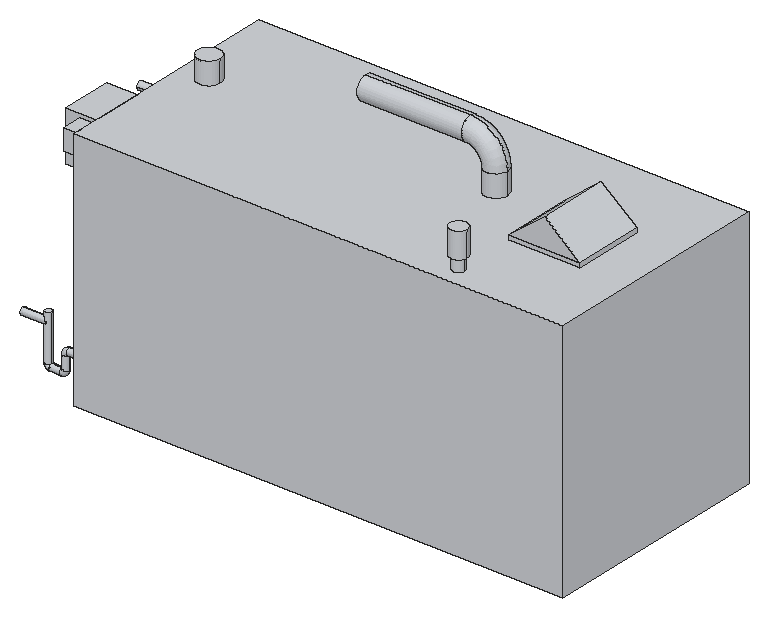
Revit family "AMP_BFIT 3500-4000 Boiler", category Mechanical Equipment, Revit 2019
Family settings
  Round Connector Dimension = Use Diameter
  Part Type = Normal
  OmniClass Number = 23.75.00.00
  OmniClass Title = Climate Control (HVAC)
  Work Plane-Based = No
  Always vertical = Yes
  Cut with Voids When Loaded = No
  Shared = No
  Room Calculation Point = No
Parameters (values of type "AMP/BFIT 3500-4000 Boiler")
  Width = 46"
  Length = 97 1/8"
  Height = 48 3/8"
  Voltage = ""
  Vent = "12\" EZ Vent"
  Manufacturer = "Bryan Steam"  # constant formula
  Hydronic Supply = "4\" Victaulic"
  Hydronic Return = "4\" Victaulic"
  Gas Train = "2\" NPT"
  Condensate Trap = "1\" Pipe"
  Boiler Drain = "3/4\" NPT"
  Air Supply = "12\""
Reference planes
  plane 1 "Center (Front/Back)": y = 0
  plane 2: z = 0
  plane 3 "Center (Left/Right)": x = 0
  plane 4 "Vent": y = 96.749
  plane 5 "Condensate Trap": y = -457.2
  plane 6 "Supply 4" Victualic Elbow Style 10": x = 353.06
  plane 7 "3" Supply Manifold": z = 1466.85
  plane 8 "3" Supply Elbow Victaulic Style 10": y = 96.749
Forms (mm)
  Extrusion 1, solid
    sketch origin (0, 0, 0) x (1, 0, 0) y (0, 1, 0)
      loop
        line (-1233.487, 584.2) -> (-1233.487, -584.2) -> (1233.488, -584.2) -> (1233.488, 584.2) -> (-1233.487, 584.2)
    from 0 to 1228.725
  Extrusion 2, solid
    sketch origin (0, 0, 1228.725) x (1, 0, 0) y (0, 1, 0)
      loop
        line (636.435, 177.8) -> (636.435, -177.8) -> (994.474, -177.8) -> (994.474, 177.8) -> (636.435, 177.8)
    from 0 to 21.63
  Extrusion 3, solid
    sketch origin (994.474, -177.8, 1228.725) x (-1, 0, 0) y (0, 0, -1)
      loop
        line (358.038, -21.63) -> (0, -21.63) -> (179.019, -167.063) -> (358.038, -21.63)
    from 0 to -355.6
  Extrusion 4, solid
    sketch origin (0, 0, 1228.725) x (1, 0, 0) y (0, 1, 0)
      loop
        circle (-1093.787, 95.25) r 57.15
      loop
        circle (353.073, 95.25) r 57.15
    from 0 to 107.95
  Extrusion 5, solid
    sketch origin (-1233.487, -584.2, 0) x (0, 1, 0) y (0, 0, -1)
      loop
        circle (936.625, -333.375) r 158.75
      loop
        circle (936.625, -333.375) r 153.162
    from 0 to 34.925
  Sweep 6, solid
    path origin (0, -457.2, 0) x (-1, 0, 0) y (0, 0, 1)
      loop
        line (1233.487, 146.406) -> (1354.493, 146.406)
        arc (1354.493, 146.406) -> (1366.85, 141.287) -> (1371.968, 128.93) r 17.475
        line (1371.968, 128.93) -> (1371.968, 62.281)
        arc (1371.968, 62.281) -> (1377.087, 49.924) -> (1389.443, 44.806) r 17.475
        line (1389.443, 44.806) -> (1443.406, 44.806)
        arc (1443.406, 44.806) -> (1455.754, 49.92) -> (1460.868, 62.268) r 17.463
        line (1460.868, 62.268) -> (1460.868, 292.456)
    profile origin (-1293.99, -457.2, 146.406) x (0, 0, 1) y (0, 1, 0)
      loop
        circle (0, 0) r 16.701
  Revolve 7, solid
    sketch origin (0, -457.2, 0) x (-1, 0, 0) y (0, 0, 1)
      loop
        line (1589.087, 247.65) -> (1589.087, 264.351) -> (1460.5, 264.351) -> (1460.5, 247.65) -> (1589.087, 247.65)
      axis (1460.5, 247.65) -> (1589.087, 247.65)
    angle from 0 to 360
  Extrusion 8, solid
    sketch origin (-1233.487, -584.2, 0) x (0, 1, 0) y (0, 0, -1)
      loop
        line (119.888, -1223.95) -> (119.888, -1122.35) -> (18.288, -1122.35) -> (18.288, -1223.95) -> (119.888, -1223.95)
    from 0 to 63.004
  Revolve 9, solid
    sketch origin (0, 95.25, 0) x (-1, 0, 0) y (0, 0, 1)
      loop
        line (1439.862, 766.775) -> (1431.845, 919.759) -> (1178.193, 906.466) -> (1186.211, 753.482) -> (1439.862, 766.775)
      axis (1186.211, 753.482) -> (1439.862, 766.775)
    angle from 0 to 360
  Extrusion 10, solid
    sketch origin (-1233.487, -584.2, 0) x (0, 1, 0) y (0, 0, -1)
      loop
        circle (679.45, -1076.325) r 13.335
      loop
        circle (679.45, -1076.325) r 10.465
    from 0 to 146.05
  Sweep 11, solid
    path origin (0, 96.749, 0) x (-1, 0, 0) y (0, 0, 1)
      loop
        arc (-353.073, 1336.675) -> (-314.945, 1428.723) -> (-222.898, 1466.85) r 130.175
        line (-222.898, 1466.85) -> (303.212, 1466.85)
    profile origin (314.945, 96.749, 1428.723) x (0.707107, 0, 0.707107) y (0, 1, 0)
      loop
        circle (0, 0) r 57.15
  Extrusion 12, solid
    sketch origin (-1233.487, -584.2, 0) x (0, 1, 0) y (0, 0, -1)
      loop
        line (403.225, -1227.138) -> (403.225, -973.138) -> (149.225, -973.137) -> (149.225, -1227.138) -> (403.225, -1227.138)
    from 0 to 155.575
  Extrusion 13, solid
    sketch origin (0, 0, 1228.725) x (1, 0, 0) y (0, 1, 0)
      loop
        circle (627.063, -482.6) r 30.163
    from 0 to 63.5
  Extrusion 14, solid
    sketch origin (0, 0, 1292.225) x (1, 0, 0) y (0, 1, 0)
      loop
        circle (627.063, -482.6) r 42.863
    from 0 to 127
  Extrusion 15, solid
    sketch origin (-1379.537, -584.2, 0) x (0, 1, 0) y (0, 0, -1)
      loop
        circle (679.45, -1076.325) r 19.05
    from 0 to 60.325
Dimensions and locks
  "Height": Extrusion 1 to level
  equal spacing: Extrusion 1 sketch curve, plane 3 "Center (Left/Right)", Extrusion 1 sketch curve
  "Length": Extrusion 1 sketch curve to Extrusion 1 sketch curve
  equal spacing: Extrusion 1 sketch curve, plane 1 "Center (Front/Back)", Extrusion 1 sketch curve
  "Width": Extrusion 1 sketch curve to Extrusion 1 sketch curve
  locked: Extrusion 2 sketch curve to Extrusion 1 at 239.014
  locked: Extrusion 2 sketch curve to Extrusion 2 sketch curve at 358.038
  locked: Extrusion 2 sketch curve to Extrusion 2 sketch curve at 355.6
  locked: Extrusion 2 sketch curve to Extrusion 1 at 406.4
  locked: Extrusion 1 to Extrusion 4 sketch curve at 488.95  (x2)
  locked: Extrusion 1 to Extrusion 5 sketch curve at 333.375
  locked: Extrusion 1 to Extrusion 5 sketch curve at 231.775
  level to plane 7 "3" Supply Manifold" = 57 3/4"
  plane 3 "Center (Left/Right)" to plane 6 "Supply 4" Victualic Elbow Style 10" = 13.9"
  locked: plane 8 "3" Supply Elbow Victaulic Style 10" to plane 1 "Center (Front/Back)" at 96.749
  locked: plane 4 "Vent" to plane 1 "Center (Front/Back)" at 96.749
  locked: plane 5 "Condensate Trap" to plane 1 "Center (Front/Back)" at 457.2
  locked: Sweep 6 sketch curve to Sweep 6 sketch curve at 88.9
  locked: Sweep 6 sketch curve to Sweep 6 sketch curve at 247.65
  locked: Revolve 7 sketch curve to Revolve 7 sketch curve at 128.588
  locked: Extrusion 8 sketch curve to Extrusion 8 sketch curve at 101.6  (x2)
  Revolve 9 sketch curve to Revolve 9 sketch curve = 6 1/32"
  Extrusion 1 to Extrusion 10 sketch curve = 42 3/8"
  equal spacing: Extrusion 1, Extrusion 10 sketch curve, Extrusion 10 sketch curve  (x2)
  locked: Extrusion 1 to Extrusion 10 sketch curve at 488.95
  locked: Extrusion 1 to Extrusion 4 sketch curve at 139.7
  locked: Extrusion 4 sketch curve to Extrusion 1 at 880.415
  Extrusion 1 to Sweep 11 sketch curve = 36 5/8"
  Extrusion 1 to Sweep 11 sketch curve = 9 3/8"
  Extrusion 1 to Extrusion 5 sketch curve = 13 1/8"
  Extrusion 1 to Extrusion 5 sketch curve = 9 1/8"
  locked: Extrusion 1 to Sweep 6 sketch curve at 138.481
  locked: Extrusion 1 to Sweep 6 sketch curve at 146.406
  locked: Revolve 9 sketch curve to Extrusion 1 at 206.375
  Extrusion 1 to Revolve 9 sketch curve = 30.188"
  locked: Extrusion 1 to Revolve 7 sketch curve at 227.013
  Extrusion 1 to Revolve 7 sketch curve = 9 3/4"  (x2)
  locked: Revolve 7 sketch curve to Revolve 7 sketch curve at 16.701
  Revolve 7 sketch curve to Revolve 7 sketch curve = 0"
  locked: Extrusion 12 sketch curve to Extrusion 1 at 1.587
  locked: Extrusion 12 sketch curve to Extrusion 12 sketch curve at 254  (x2)
  locked: Extrusion 12 sketch curve to Extrusion 1 at 149.225
  locked: Extrusion 1 to Extrusion 13 sketch curve at 101.6
  locked: Extrusion 13 sketch curve to Extrusion 1 at 606.425
  locked: Extrusion 14 sketch curve to Extrusion 1 at 606.425
  locked: Extrusion 1 to Extrusion 14 sketch curve at 101.6
  Extrusion 1 to Extrusion 15 sketch curve = 6"
  Extrusion 1 to Extrusion 15 sketch curve = 19 1/4"
  radius of Sweep 11 sketch curve = 5 1/8"
  diameter of Extrusion 13 sketch curve = 2 3/8"
  diameter of Extrusion 14 sketch curve = 3 3/8"
  diameter of Extrusion 15 sketch curve = 1 1/2"
  aligned and locked: level to plane 2
Automatic sketch dimensions
  Extrusion 3 sketch curve to Extrusion 2 = 0"  (x3)
  Extrusion 3 sketch curve to Extrusion 2 = 7.048"
  Extrusion 3 sketch curve to Extrusion 2 = 5.72571"
  Sweep 6 sketch curve to plane 5 "Condensate Trap" = 0"
  profile plane to Sweep 6 sketch curve = 0"
  Sweep 6 sketch curve to Sweep 6 sketch curve = 0.688"  (x2)
  Sweep 6 sketch curve to Sweep 6 sketch curve = 11/16"
  Sweep 6 sketch curve to Sweep 6 sketch curve = 2.624"
  Sweep 6 sketch curve to Sweep 6 sketch curve = 4.764"
  Revolve 7 sketch curve to Revolve 7 sketch curve = 0.2025"
  Revolve 7 sketch curve to Revolve 7 sketch curve = 0.828"
  Revolve 9 sketch curve to Revolve 9 sketch curve = 6.32392"
  Revolve 9 sketch curve to Revolve 9 sketch curve = 0"  (x2)
  Extrusion 1 to Extrusion 8 sketch curve = 0.188"
  Extrusion 8 sketch curve to Extrusion 1 = 0.72"
  Revolve 9 sketch curve to plane 7 "3" Supply Manifold" = 28.08536"
  Revolve 9 sketch curve to Revolve 9 sketch curve = 0.31565"
  Extrusion 10 sketch curve to Extrusion 10 sketch curve = 0"  (x2)
  Sweep 11 sketch curve to plane 8 "3" Supply Elbow Victaulic Style 10" = 0"
  Sweep 11 sketch curve to profile plane = 0"
  Sweep 11 sketch curve to plane 6 "Supply 4" Victualic Elbow Style 10" = 5.1245"
  radius of Sweep 6 sketch curve = 0.6575"
  radius of Extrusion 5 sketch curve = 6 1/4"
  radius of Extrusion 5 sketch curve = 6.03"
  radius of Extrusion 10 sketch curve = 0.412"
  radius of Extrusion 10 sketch curve = 0.525"
  radius of Extrusion 4 sketch curve = 2 1/4"  (x2)
  radius of Sweep 11 sketch curve = 2 1/4"
Connectors
  piping at (-1093.787, 95.25, 1336.675), diameter 101.6
    settings: on Extrusion 4, index 2, connector inside diameter 24", connector length 0", flow factor 0, pipe flow 0 GPM, pressure drop 0.00 psi, fitting loss kfactor 0, connector angle 0.00°, fixture units 0, engagement length 0", angle of deflection 0.00°, flow configuration 0, flow direction 1, fitting loss method 0, system type 8, joint type 0, gender type 0, connector reference index -1, connector utility 0, adjustable connector no, is connector primary yes, connector description ""
  piping at (-1268.412, 352.425, 333.375), diameter 304.8
    settings: on Extrusion 5, index 4, connector inside diameter 24", connector length 0", flow factor 0, pipe flow 0 GPM, pressure drop 0.00 psi, fitting loss kfactor 0, connector angle 0.00°, fixture units 0, engagement length 0", angle of deflection 0.00°, flow configuration 0, flow direction 1, fitting loss method 0, system type 22, joint type 0, gender type 0, connector reference index -1, connector utility 0, adjustable connector no, is connector primary no, connector description ""
  piping at (-1589.087, -457.2, 247.65), diameter 25.4
    settings: on Revolve 7, index 6, connector inside diameter 24", connector length 0", flow factor 0, pipe flow 0 GPM, pressure drop 0.00 psi, fitting loss kfactor 0, connector angle 0.00°, fixture units 0, engagement length 0", angle of deflection 0.00°, flow configuration 0, flow direction 2, fitting loss method 0, system type 22, joint type 0, gender type 0, connector reference index -1, connector utility 0, adjustable connector no, is connector primary no, connector description ""
  piping at (-303.212, 96.749, 1466.85), diameter 101.6
    settings: on Sweep 11, index 7, connector inside diameter 24", connector length 0", flow factor 0, pipe flow 0 GPM, pressure drop 0.00 psi, fitting loss kfactor 0, connector angle 0.00°, fixture units 0, engagement length 0", angle of deflection 0.00°, flow configuration 0, flow direction 2, fitting loss method 0, system type 7, joint type 0, gender type 0, connector reference index -1, connector utility 0, adjustable connector no, is connector primary no, connector description ""
  piping at (-1439.862, 95.25, 766.775), diameter 304.8
    settings: on Revolve 9, index 9, connector inside diameter 24", connector length 0", flow factor 0, pipe flow 0 GPM, pressure drop 0.00 psi, fitting loss kfactor 0, connector angle 0.00°, fixture units 0, engagement length 0", angle of deflection 0.00°, flow configuration 0, flow direction 2, fitting loss method 0, system type 17, joint type 0, gender type 0, connector reference index -1, connector utility 0, adjustable connector no, is connector primary no, connector description ""
  piping at (627.063, -482.6, 1419.225), diameter 50.8
    settings: on Extrusion 14, index 10, connector inside diameter 24", connector length 0", flow factor 0, pipe flow 0 GPM, pressure drop 0.00 psi, fitting loss kfactor 0, connector angle 0.00°, fixture units 0, engagement length 0", angle of deflection 0.00°, flow configuration 0, flow direction 1, fitting loss method 0, system type 22, joint type 0, gender type 0, connector reference index -1, connector utility 0, adjustable connector no, is connector primary no, connector description ""
  piping at (-1439.862, 95.25, 1076.325), diameter 19.05
    settings: on Extrusion 15, index 11, connector inside diameter 24", connector length 0", flow factor 0, pipe flow 0 GPM, pressure drop 0.00 psi, fitting loss kfactor 0, connector angle 0.00°, fixture units 0, engagement length 0", angle of deflection 0.00°, flow configuration 0, flow direction 2, fitting loss method 0, system type 22, joint type 0, gender type 0, connector reference index -1, connector utility 0, adjustable connector no, is connector primary no, connector description ""
